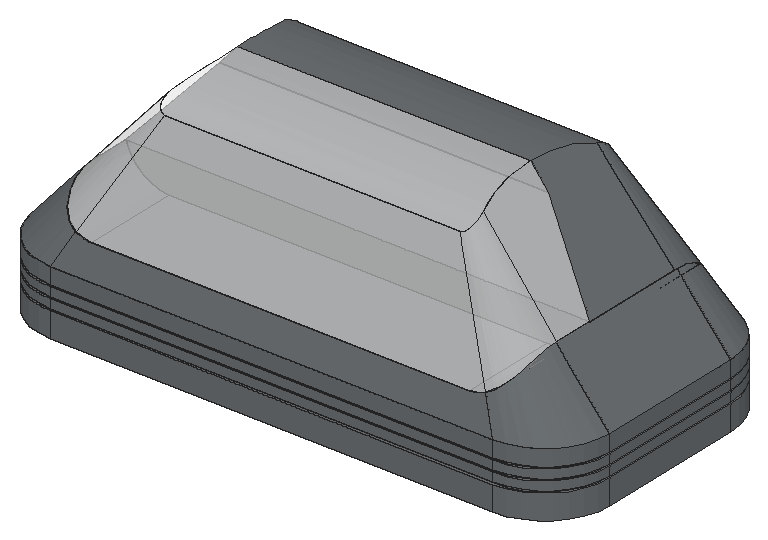
Revit family "Lightronics_LightingFixture_WallAndCeiling_TPK1", category Lighting Fixtures, host Face, Revit 2016
Family settings
  Host = Face
  Part Type = Normal
  Round Connector Dimension = Use Diameter
  OmniClass Number = 23.80.70.00
  OmniClass Title = Lighting
  Cut with Voids When Loaded = No
  Light Source = Yes
  Shared = No
  Room Calculation Point = No
Parameters (values of type "TPK")
  _DistributedBy = "www.bimstore.co.uk"
  _CurrentRevision = 1
  _CreatedBy = "www.bimstore.co.uk"
  _BimSpecGuid = 0
  _BSBibleVersion = 15
  _AuthorizedBy = "Kris Atkinson"
  _Author = "Ryan Wigham"
  Wattage = 9.2903 W
  WarrantyStartDate [instance] = "Please record on commissioning"
  WarrantyGuarantorParts = "info@lightronics.nl"
  WarrantyGuarantorLabor = "info@lightronics.nl"
  WarrantyDurationUnit = "Years"
  WarrantyDurationParts = "5"
  WarrantyDurationLabor = "n/a"
  WarrantyDescription = "n/a"
  built-in parameter 1150110 = 1 (stored number, unit not read)
  Voltage = 230 V
  URL = "https://www.lightronics.nl/en/"
  TypeName = "TPK"
  Type Comments = "Wall and ceiling lighting – Impactproof. For directed lighting"
  built-in parameter 1114217 = 1 (stored number, unit not read)
  Tilt Angle = 90.00°
  built-in parameter 1150109 = 1 (stored number, unit not read)
  built-in parameter 1150134 = 3
  built-in parameter 1150113 = 1 (stored number, unit not read)
  SpareParts = "n/a"
  Size = "130x103x265"
  Shape = "Rectangular"
  SerialNumber [instance] = "Please record on commissioning"
  ReplacementCost = ""
  ReferencedStandard = "n/a"
  ProductionYear = "2018"
  Photometric Web File = "generic"
  NumberOfPoles = 1
  built-in parameter 1150142 = (empty or 0)
  NominalLength = Length  # 265 mm
  NominalHeight = Height  # 103 mm
  NominalDepth = Depth  # 130 mm
  NBSReference = "90-60-50/405"
  NBSOfficeMasterTag = "n/a"
  NBSObjectName = "Lightronics -  General purpose luminaires"
  NBSNote = ""
  NBSDescription = "Surface luminaires"
  ModelReference = "IP 65"
  ModelNumber = "TPK"
  Model = "TPK"
  Material_Lens [instance] = Lightronics - Polycarbonate - Lens - Opal
  Material_Housing [instance] = Lightronics - Polycarbonate - RAL 7016 - Anthracite
  Material = "Impact proof polycarbonate"
  ManufacturerName = "Lightronics"
  Manufacturer = "Lightronics"
  built-in parameter 1150105 = 109.82 (stored number, unit not read)
  Lumens = 1380 lm
  built-in parameter 1150115 = 1 (stored number, unit not read)
  built-in parameter 1150137 = (empty or 0)
  built-in parameter 1150139 = (empty or 0)
  Length = 265 mm
  built-in parameter 1150112 = 1 (stored number, unit not read)
  built-in parameter 1150114 = 1 (stored number, unit not read)
  Keynote = "V90/510"
  InstallationDate [instance] = "Please record on commissioning"
  built-in parameter 1150132 = (empty or 0)
  built-in parameter 1150102 = (empty or 0)
  built-in parameter 1150107 = 3200 (stored number, unit not read)
  built-in parameter 1150138 = (empty or 0)
  built-in parameter 1150106 = 1.0982 (stored number, unit not read)
  IfcExportType = "IfcLightFixture"
  IfcExportAs = "IfcLightFixtureTypeEnum.POINTSOURCE"
  Height = 103 mm
  Grade = "n/a"
  Finish = "n/a"
  Features = "n/a"
  ExpectedLife = 0
  Emit from Line Length = 200 mm
  built-in parameter 1150104 = 13.8 (stored number, unit not read)
  DurationUnit = "20 Years"
  DocumentationTechnical = "n/a"
  DocumentationMaintenance = "n/a"
  DocumentationLiterature = "https://specifi.bimstore.co.uk/document/share/2438"
  DocumentationInstallationGuide = "n/a"
  DocumentationCertificates = "n/a"
  Dimming Lamp Color Temperature Shift = <None>
  Description = "The TPK is a functional and beautifully designed surface-mounted luminaire. The beam can be very easily aimed. The luminaire can be used for both emergency and continuous lighting and is assembly- and maintenance-friendly. The basic unit is identical to that of the TPS luminaire, allowing for the easy exchange of spare parts between both products."
  Depth = 130 mm
  Default Elevation = 1219.2 mm
  CreatedOn = "2018-03-06T09:00:00"
  CreatedBy = "info@lightronics.nl"
  Constituents = "n/a"
  Color Filter = 16777215
  Color = "Housing: polycarbonate in white RAL 9010, black RAL 9005 or anthracite RAL 7016. Cover: polycarbonate lens, clear prismatic, opal or frosted"
  CodePerformance = "n/a"
  ClassificationValue = "Pr_70_70_48_85"
  ClassificationName = "Uniclass 2015"
  BarCode [instance] = "Please record on commissioning"
  built-in parameter 1114218 = 1 (stored number, unit not read)
  BIMObjectName = "Lightronics_LightingFixture_WallAndCeiling_TPK"
  built-in parameter 1150133 = 10 (stored number, unit not read)
  AssetType = "Fixed"
  AssetIdentifier [instance] = "Please record on commissioning"
  Assembly Code = "D5020200"
  Apparent Load = 0 VA
  AccessibilityPerformance = "n/a"
Reference planes
  plane 1 "Center (Front/Back)": y = 0
  plane 2: z = 0
  plane 3 "Center (Left/Right)": x = 0
  plane 4: x = -132.5
  plane 5: x = 132.5
  plane 6: y = 65
  plane 7: y = -65
  plane 8: z = 103
  plane 9 "Lens Cover": z = 43
Forms (mm)
  Extrusion 1, solid, material "Lightronics - Polycarbonate - RAL 7016 - Anthracite" <- "Material_Housing"
    sketch origin (0, 0, 0) x (1, 0, 0) y (0, 1, 0)
      loop
        arc (-102.5, 65) -> (-123.713, 56.213) -> (-132.5, 35) r 30
        line (-132.5, 35) -> (-132.5, -35)
        arc (-132.5, -35) -> (-123.713, -56.213) -> (-102.5, -65) r 30
        line (-102.5, -65) -> (102.5, -65)
        arc (102.5, -65) -> (123.713, -56.213) -> (132.5, -35) r 30
        line (132.5, -35) -> (132.5, 35)
        arc (132.5, 35) -> (123.713, 56.213) -> (102.5, 65) r 30
        line (102.5, 65) -> (-102.5, 65)
    from 0 to 30
  Blend 2, solid, material "Lightronics - Polycarbonate - RAL 7016 - Anthracite" <- "Material_Housing"
    base sketch origin (0, 0, 0) x (1, 0, 0) y (0, 1, 0)
      loop
        arc (-102.5, 65) -> (-123.713, 56.213) -> (-132.5, 35) r 30
        line (-132.5, 35) -> (-132.5, -35)
        arc (-132.5, -35) -> (-123.713, -56.213) -> (-102.5, -65) r 30
        line (-102.5, -65) -> (102.5, -65)
        arc (102.5, -65) -> (123.713, -56.213) -> (132.5, -35) r 30
        line (132.5, -35) -> (132.5, 35)
        arc (132.5, 35) -> (123.713, 56.213) -> (102.5, 65) r 30
        line (102.5, 65) -> (-102.5, 65)
    top sketch origin (0, 0, 0) x (1, 0, 0) y (0, 1, 0)
      loop
        arc (-87.5, 55) -> (-101.642, 49.142) -> (-107.5, 35) r 20
        line (-107.5, 35) -> (-107.5, -35)
        arc (-107.5, -35) -> (-101.642, -49.142) -> (-87.5, -55) r 20
        line (-87.5, -55) -> (87.5, -55)
        arc (87.5, -55) -> (101.642, -49.142) -> (107.5, -35) r 20
        line (107.5, -35) -> (107.5, 35)
        arc (107.5, 35) -> (101.642, 49.142) -> (87.5, 55) r 20
        line (87.5, 55) -> (-87.5, 55)
    from 30 to 59
  Extrusion 3, void
    sketch origin (0, 0, 0) x (1, 0, 0) y (0, 0, 1)
      loop
        line (-87.5, 43) -> (87.5, 43)
        arc (87.5, 43) -> (100.067, 47.792) -> (107.5, 59) r 22.013
        line (107.5, 59) -> (107.5, 87) -> (-107.5, 87) -> (-107.5, 59)
        arc (-107.5, 59) -> (-100.067, 47.792) -> (-87.5, 43) r 22.013
    from -65 to 65
  Sweep 4, void
    path origin (0, 0, 15) x (-1, 0, 0) y (0, -1, 0)
      loop
        line (102.5, 65) -> (-102.5, 65)
        arc (-102.5, 65) -> (-123.713, 56.213) -> (-132.5, 35) r 30
        line (-132.5, 35) -> (-132.5, -35)
        arc (-132.5, -35) -> (-123.713, -56.213) -> (-102.5, -65) r 30
        line (-102.5, -65) -> (102.5, -65)
        arc (102.5, -65) -> (123.713, -56.213) -> (132.5, -35) r 30
        line (132.5, -35) -> (132.5, 35)
        arc (132.5, 35) -> (123.713, 56.213) -> (102.5, 65) r 30
    profile origin (0, -65, 15) x (0, 1, 0) y (0, 0, 1)
      loop
        line (1, 2.5) -> (-4, 2.5) -> (-4, 1.5) -> (1, 1.5) -> (1, 2.5)
      loop
        line (1, -2.5) -> (-4, -2.5) -> (-4, -3.5) -> (1, -3.5) -> (1, -2.5)
      loop
        line (1, 6.5) -> (1, 7.5) -> (-4, 7.5) -> (-4, 6.5) -> (1, 6.5)
Cuts and joins
  Extrusion 3 cuts Blend 2
  Sweep 4 cuts Extrusion 1
Dimensions and locks
  equal spacing: plane 4, plane 3 "Center (Left/Right)", plane 5
  equal spacing: plane 7, plane 1 "Center (Front/Back)", plane 6
  "Length": plane 4 to plane 5
  "Depth": plane 6 to plane 7
  "Height": plane 8 to level
  aligned and locked: plane 2 to host face
  aligned and locked: level to host face
Automatic sketch dimensions
  host sketch curve to host sketch curve = 2438.4 mm  (x2)
  Extrusion 1 sketch curve to plane 4 = 0 mm
  Extrusion 1 sketch curve to plane 7 = 0 mm
  Extrusion 1 sketch curve to plane 6 = 0 mm
  Extrusion 1 sketch curve to plane 5 = 0 mm
  plane 4 to Extrusion 1 sketch curve = 30 mm  (x2)
  Extrusion 1 sketch curve to Extrusion 1 sketch curve = 30 mm
  Extrusion 1 sketch curve to plane 5 = 30 mm
  Blend 2 sketch curve to plane 4 = 0 mm
  Blend 2 sketch curve to plane 7 = 0 mm
  Blend 2 sketch curve to plane 6 = 0 mm
  Blend 2 sketch curve to plane 5 = 0 mm
  plane 4 to Blend 2 sketch curve = 30 mm  (x2)
  Blend 2 sketch curve to Blend 2 sketch curve = 30 mm
  Blend 2 sketch curve to plane 5 = 30 mm
  plane 7 to Blend 2 sketch curve = 10 mm
  plane 4 to Blend 2 sketch curve = 25 mm
  Blend 2 sketch curve to Blend 2 sketch curve = 20 mm  (x3)
  Blend 2 sketch curve to plane 5 = 45 mm  (x2)
  Blend 2 sketch curve to plane 6 = 10 mm
  Extrusion 3 sketch curve to plane 9 "Lens Cover" = 0 mm
  plane 4 to Extrusion 3 sketch curve = 25 mm
  Extrusion 3 sketch curve to Extrusion 3 sketch curve = 20 mm
  Extrusion 3 sketch curve to Extrusion 3 sketch curve = 21.185 mm  (x2)
  plane 9 "Lens Cover" to Extrusion 3 sketch curve = 21.981 mm
  Extrusion 3 sketch curve to plane 5 = 46.185 mm
  Extrusion 3 sketch curve to Extrusion 3 sketch curve = 1.185 mm
  Extrusion 3 sketch curve to plane 8 = 16 mm
  plane 9 "Lens Cover" to Extrusion 3 sketch curve = 16 mm
  Sweep 4 sketch curve to plane 7 = 0 mm
  Sweep 4 sketch curve to plane 4 = 0 mm
  plane 4 to Sweep 4 sketch curve = 30 mm
  Sweep 4 sketch curve to plane 5 = 30 mm  (x2)
  Sweep 4 sketch curve to plane 6 = 30 mm
  Sweep 4 sketch curve to plane 6 = 0 mm
  Sweep 4 sketch curve to plane 5 = 0 mm
  profile plane to Sweep 4 sketch curve = 4 mm  (x3)
  Sweep 4 sketch curve to profile plane = 1 mm  (x3)
  Sweep 4 sketch curve to Sweep 4 sketch curve = 4 mm  (x2)
  Sweep 4 sketch curve to Sweep 4 sketch curve = 1 mm  (x3)
  Sweep 4 sketch curve to profile plane = 3.5 mm
Nested families
  nested 1: "Lightronics_TPK_LensCover" at (0, 0, 0), type "Lightronics_TPK_LensCover"
Connectors
  electrical at (0, 0, 0), driven by "NumberOfPoles", driven by "Voltage", driven by "Apparent Load"
    settings: on cut or joined group of Extrusion 1, Sweep 4, index 1, voltage 230 V, apparent load 0 VA, apparent load phase1 0 VA, apparent load phase2 0 VA, apparent load phase3 0 VA, power factor 1, load classification "Lighting", number of poles 1, system type 31, power factor state 1, is connector primary yes, connector utility no, sub classification motor no, connector description ""
Definition of nested family "Lightronics_TPK_LensCover"
  Parameters (values of type "Lightronics_TPK_LensCover")
    Material_Lens = none
    Material_Housing = none
    Default Elevation = 1219.2 mm
  Reference planes
    plane 1 "Center (Front/Back)": y = 0
    plane 2: z = 0
    plane 3 "Center (Left/Right)": x = 0
    plane 4: x = -132.5
    plane 5: x = 132.5
    plane 6: y = 65
    plane 7: y = -65
    plane 8: z = 43
    plane 9: z = 105
    plane 10: through (-127.5, -4572, 30) normal (-0.7574, 0, 0.6529)
    plane 11: through (132.5, -4572, 30) normal (-0.7574, 0, -0.6529)
    plane 12: x = -67.845
    plane 13: x = 67.845
    plane 14: y = 37.702
    plane 15: y = -37.702
    plane 16: z = 99.2
  Forms (mm)
    Extrusion 1, solid
      sketch origin (0, 0, 0) x (1, 0, 0) y (0, 1, 0)
        loop
          line (-1219.2, 1219.2) -> (-1219.2, -1219.2) -> (1219.2, -1219.2) -> (1219.2, 1219.2) -> (-1219.2, 1219.2)
      from 0 to -304.8
    Blend 2, solid, material <- "Material_Lens"
      base sketch origin (0, 0, 0) x (1, 0, 0) y (0, 1, 0)
        loop
          arc (-102.5, 65) -> (-123.713, 56.213) -> (-132.5, 35) r 30
          line (-132.5, 35) -> (-132.5, -35)
          arc (-132.5, -35) -> (-123.713, -56.213) -> (-102.5, -65) r 30
          line (-102.5, -65) -> (102.5, -65)
          arc (102.5, -65) -> (123.713, -56.213) -> (132.5, -35) r 30
          line (132.5, -35) -> (132.5, 35)
          arc (132.5, 35) -> (123.713, 56.213) -> (102.5, 65) r 30
          line (102.5, 65) -> (-102.5, 65)
      top sketch origin (0, 0, 0) x (1, 0, 0) y (0, 1, 0)
        loop
          arc (-62.845, 37.702) -> (-66.38, 36.238) -> (-67.845, 32.702) r 5
          line (-67.845, 32.702) -> (-67.845, -32.702)
          arc (-67.845, -32.702) -> (-66.38, -36.238) -> (-62.845, -37.702) r 5
          line (-62.845, -37.702) -> (62.845, -37.702)
          arc (62.845, -37.702) -> (66.38, -36.238) -> (67.845, -32.702) r 5
          line (67.845, -32.702) -> (67.845, 32.702)
          arc (67.845, 32.702) -> (66.38, 36.238) -> (62.845, 37.702) r 5
          line (62.845, 37.702) -> (-62.845, 37.702)
      from 30 to 105
    Extrusion 3, void
      sketch origin (0, 0, 0) x (1, 0, 0) y (0, 0, 1)
        loop
          arc (-87.5, 43) -> (-100.067, 47.792) -> (-107.5, 59) r 22.013
          line (-107.5, 59) -> (-157.5, 59) -> (-157.5, 14) -> (157.5, 14) -> (157.5, 59) -> (107.5, 59)
          arc (107.5, 59) -> (100.067, 47.792) -> (87.5, 43) r 22.013
          line (87.5, 43) -> (-87.5, 43)
      from -71.444 to 70
    Extrusion 4, void
      sketch origin (0, 0, 0) x (0, 1, 0) y (0, 0, 1)
        loop
          line (0.001, 105) -> (0.001, 94.977) -> (-15.271, 59) -> (-15.271, 43) -> (68.479, 43) -> (68.479, 125.755) -> (-57.887, 125.755) -> (-57.887, 90.755) -> (-42.887, 90.755)
          spline (-42.887, 90.755) -> (-42.52, 92.614) -> (-41.426, 94.442) -> (-39.622, 96.206) -> (-37.141, 97.877) -> (-34.024, 99.427) -> (-30.325, 100.828) -> (-26.108, 102.056) -> (-21.443, 103.092) -> (-16.412, 103.916) -> (-11.099, 104.515) -> (-5.597, 104.878) -> (0.001, 105)
      from -149.19 to 128.148
    Blend 5, solid, material <- "Material_Housing"
      base sketch origin (0, 0, 0) x (1, 0, 0) y (0, 1, 0)
        loop
          arc (-102.5, 65) -> (-123.713, 56.213) -> (-132.5, 35) r 30
          line (-132.5, 35) -> (-132.5, -35)
          arc (-132.5, -35) -> (-123.713, -56.213) -> (-102.5, -65) r 30
          line (-102.5, -65) -> (102.5, -65)
          arc (102.5, -65) -> (123.713, -56.213) -> (132.5, -35) r 30
          line (132.5, -35) -> (132.5, 35)
          arc (132.5, 35) -> (123.713, 56.213) -> (102.5, 65) r 30
          line (102.5, 65) -> (-102.5, 65)
      top sketch origin (0, 0, 0) x (1, 0, 0) y (0, 1, 0)
        loop
          arc (-62.845, 37.702) -> (-66.38, 36.238) -> (-67.845, 32.702) r 5
          line (-67.845, 32.702) -> (-67.845, -32.702)
          arc (-67.845, -32.702) -> (-66.38, -36.238) -> (-62.845, -37.702) r 5
          line (-62.845, -37.702) -> (62.845, -37.702)
          arc (62.845, -37.702) -> (66.38, -36.238) -> (67.845, -32.702) r 5
          line (67.845, -32.702) -> (67.845, 32.702)
          arc (67.845, 32.702) -> (66.38, 36.238) -> (62.845, 37.702) r 5
          line (62.845, 37.702) -> (-62.845, 37.702)
      from 30 to 105
    Extrusion 6, void
      sketch origin (0, 0, 0) x (0, 1, 0) y (0, 0, 1)
        loop
          spline (0.001, 105) -> (5.599, 104.878) -> (11.101, 104.515) -> (16.413, 103.916) -> (21.445, 103.092) -> (26.109, 102.056) -> (30.327, 100.828) -> (34.026, 99.427) -> (37.143, 97.877) -> (39.624, 96.206) -> (41.427, 94.442) -> (42.522, 92.614) -> (42.889, 90.755)
          line (42.889, 90.755) -> (57.889, 90.755) -> (57.889, 125.755) -> (-68.478, 125.755) -> (-68.478, 43) -> (-15.271, 43) -> (-15.271, 59) -> (0.001, 94.977) -> (0.001, 105)
      from -149.19 to 128.148
  Cuts and joins
    Extrusion 3, Extrusion 4 cuts Blend 2
    Extrusion 3, Extrusion 6 cuts Blend 5
  Dimensions and locks
    plane 4 to plane 5 = 265 mm
    plane 7 to plane 6 = 130 mm
    equal spacing: plane 4, plane 3 "Center (Left/Right)", plane 5
    equal spacing: plane 7, plane 1 "Center (Front/Back)", plane 6
    aligned and locked: plane 2 to Extrusion 1
    aligned and locked: level to Extrusion 1
  Automatic sketch dimensions
    Extrusion 1 sketch curve to Extrusion 1 sketch curve = 2438.4 mm  (x2)
    Blend 2 sketch curve to plane 4 = 0 mm
    Blend 2 sketch curve to plane 7 = 0 mm
    Blend 2 sketch curve to plane 6 = 0 mm
    Blend 2 sketch curve to plane 5 = 0 mm
    plane 4 to Blend 2 sketch curve = 30 mm  (x2)
    Blend 2 sketch curve to plane 14 = 2.702 mm
    Blend 2 sketch curve to plane 5 = 30 mm
    Blend 2 sketch curve to plane 12 = 0 mm
    Blend 2 sketch curve to plane 15 = 0 mm
    Blend 2 sketch curve to plane 14 = 0 mm
    Blend 2 sketch curve to plane 13 = 0 mm
    Blend 2 sketch curve to Blend 2 sketch curve = 5 mm  (x2)
    plane 13 to Blend 2 sketch curve = 5 mm  (x2)
    Extrusion 3 sketch curve to plane 8 = 0 mm
    plane 11 to Extrusion 3 sketch curve = 0 mm
    Extrusion 3 sketch curve to plane 4 = 25 mm
    plane 4 to Extrusion 3 sketch curve = 25 mm
    plane 12 to Extrusion 3 sketch curve = 19.655 mm
    plane 12 to Extrusion 3 sketch curve = 18.47 mm
    Extrusion 3 sketch curve to plane 13 = 18.47 mm
    Extrusion 3 sketch curve to plane 13 = 19.655 mm
    plane 8 to Extrusion 3 sketch curve = 16 mm  (x2)
    plane 5 to Extrusion 3 sketch curve = 25 mm
    level to Extrusion 3 sketch curve = 14 mm
    Extrusion 4 sketch curve to plane 8 = 0 mm
    Extrusion 4 sketch curve to plane 1 "Center (Front/Back)" = 0 mm
    Extrusion 4 sketch curve to plane 9 = 0 mm
    plane 1 "Center (Front/Back)" to Extrusion 4 sketch curve = 15.271 mm
    Extrusion 4 sketch curve to plane 15 = 5.185 mm
    plane 7 to Extrusion 4 sketch curve = 7.113 mm
    Extrusion 4 sketch curve to plane 1 "Center (Front/Back)" = 0.001 mm
    plane 6 to Extrusion 4 sketch curve = 3.479 mm
    Extrusion 4 sketch curve to Extrusion 4 sketch curve = 16 mm
    Extrusion 4 sketch curve to plane 16 = 8.445 mm
    Extrusion 4 sketch curve to plane 16 = 4.223 mm
    plane 9 to Extrusion 4 sketch curve = 20.755 mm
    Blend 5 sketch curve to plane 4 = 0 mm
    Blend 5 sketch curve to plane 5 = 0 mm
    plane 4 to Blend 5 sketch curve = 30 mm  (x2)
    Blend 5 sketch curve to plane 5 = 30 mm  (x2)
    Blend 5 sketch curve to plane 6 = 130 mm
    Blend 5 sketch curve to Blend 5 sketch curve = 70 mm
    Blend 5 sketch curve to plane 12 = 0 mm
    Blend 5 sketch curve to plane 13 = 0 mm
    Blend 5 sketch curve to Blend 5 sketch curve = 5 mm  (x2)
    plane 13 to Blend 5 sketch curve = 5 mm  (x2)
    Blend 5 sketch curve to plane 6 = 102.702 mm
    Blend 5 sketch curve to Blend 5 sketch curve = 65.404 mm
    plane 8 to Extrusion 6 sketch curve = 0 mm
    plane 9 to Extrusion 6 sketch curve = 0 mm
    Extrusion 6 sketch curve to plane 6 = 133.478 mm
    plane 8 to Extrusion 6 sketch curve = 16 mm
    Extrusion 6 sketch curve to Extrusion 6 sketch curve = 53.207 mm
    Extrusion 6 sketch curve to plane 16 = 4.223 mm
    Extrusion 6 sketch curve to Extrusion 6 sketch curve = 15.272 mm
    Extrusion 6 sketch curve to plane 16 = 8.445 mm
    Extrusion 6 sketch curve to Extrusion 6 sketch curve = 42.888 mm
    Extrusion 6 sketch curve to Extrusion 6 sketch curve = 15 mm
    plane 9 to Extrusion 6 sketch curve = 20.755 mm
    Extrusion 6 sketch curve to Extrusion 6 sketch curve = 27.615 mm
